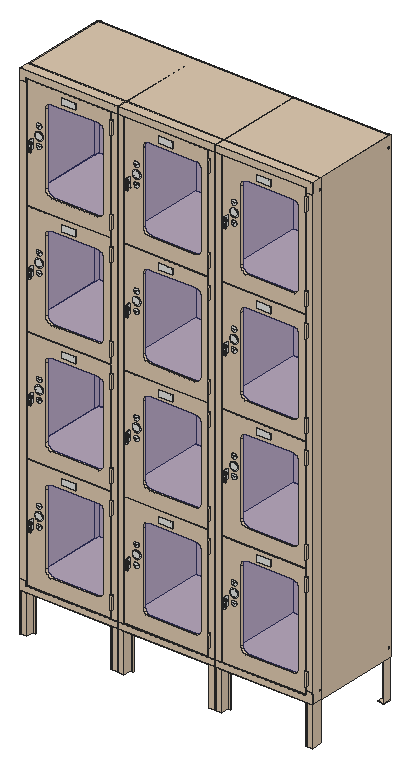
Revit family "Metal_See_Through_Lockers-Salsbury_Industries-S_54000_Series-3_Wide_Units", category Specialty Equipment, Revit 2016 (continued)
Definition of nested family "Metal Locker Zee Base-Left Side"
  Dimensions and locks (in)
    aligned and locked: level to plane 2
    aligned and locked: plane 10 "Left Edge of Base" to Extrusion 1
  Automatic sketch dimensions
    plane 8 "Right Edge of Enclosure" to Extrusion 1 sketch curve = 0.000"
    Extrusion 1 sketch curve to plane 6 "Right Side of Unit" = 0.000"  (x2)
    plane 7 "Left Edge of Enclosure" to Extrusion 1 sketch curve = 0.000"
    Extrusion 1 sketch curve to plane 10 "Left Edge of Base" = 0.000"
    Extrusion 1 sketch curve to Extrusion 1 sketch curve = 0.060"
    plane 7 "Left Edge of Enclosure" to Extrusion 1 sketch curve = 0.060"
    plane 10 "Left Edge of Base" to Extrusion 1 sketch curve = 0.060"
    plane 5 "Top of Enclosure" to Extrusion 2 sketch curve = 0.000"
    Extrusion 2 sketch curve to Extrusion 2 sketch curve = 0.060"
    Extrusion 2 sketch curve to plane 7 "Left Edge of Enclosure" = 1.24133"
    plane 8 "Right Edge of Enclosure" to Extrusion 2 sketch curve = 1.250"
Definition of nested family "Metal Locker Zee Base Corner"
  Parameters (values of type "77572, 77575, 77578")
    Width = 2.000"
    Visible = yes
    Version = "1.0 (11/30/15)"
    Type Comments = "Zee Base Kit for Standard Metal Lockers - No Legs"
    Primary Structure Material = none
    Model = "n/a"
    Manufacturer = "Salsbury Industries"
    Height = 3.940"
    Description = "4\" H x 6' L - for 12\" Deep Lockers (Includes 6 Foot Front Base, 2 End Bases, Corner Splicer and 4 Rear Legs)"
    Depth = 2.000"
  Types (2): name | Visible
    77572, 77575, 77578 | yes
    None | no
  Reference planes (in)
    plane 1 "Center (Front/Back)": y = 0
    plane 2 "Bottom of Component": z = 0
    plane 3 "Center (Left/Right)": x = 0
    plane 4: z = 3.94
    plane 5: x = -1
    plane 6: x = 1
    plane 7 "Front": y = -1
    plane 8 "Back": y = 1
  Forms (in)
    Extrusion 1, solid, material <- "Primary Structure Material", visible <- "Visible"
      sketch origin (0, 0, 0) x (1, 0, 0) y (0, 1, 0)
        loop
          line (-1, 1) -> (-1, 0.94) -> (0.94, 0.94) -> (0.94, -1) -> (1, -1) -> (1, 1) -> (-1, 1)
      from 0 to 3.94
  Dimensions and locks (in)
    "Height": plane 4 to plane 2 "Bottom of Component"
    equal spacing: plane 5, plane 3 "Center (Left/Right)", plane 6
    "Width": plane 5 to plane 6
    equal spacing: plane 7 "Front", plane 1 "Center (Front/Back)", plane 8 "Back"
    "Depth": plane 7 "Front" to plane 8 "Back"
    aligned and locked: plane 2 "Bottom of Component" to level
  Automatic sketch dimensions
    Extrusion 1 sketch curve to plane 5 = 0.000"
    plane 7 "Front" to Extrusion 1 sketch curve = 0.000"
    Extrusion 1 sketch curve to plane 6 = 0.000"
    plane 8 "Back" to Extrusion 1 sketch curve = 0.000"
    plane 6 to Extrusion 1 sketch curve = 0.060"
    Extrusion 1 sketch curve to Extrusion 1 sketch curve = 0.060"
Definition of nested family "Metal Locker End Panel"
  Parameters (values of type "77362 - for 6' H x 12" D Lockers")
    Width = 0.925"
    Visible = yes
    Version = "1.0 (11/30/15)"
    Type Comments = "Finished End Panel for Standard Metal Lockers"
    Primary Structure Material = none
    Model = "77362"
    MasterFormat Title = ""
    MasterFormat Number = ""
    Manufacturer = "Salsbury Industries"
    Height = 72.000"
    Description = "End Panel for 6' H x 12\" Deep Lockers"
    Depth = 12.010"
    Assembly Code = ""
  Types (7): name | Visible | Model | Height | Description | Depth
    77362 - for 6' H x 12" D Lockers | yes | "77362" | 72.000" | "End Panel for 6' H x 12\" Deep Lockers" | 12.010"
    77365 - for 6' H x 15" D Lockers | yes | "77365" | 72.000" | "End Panel for 6' H x 15\" Deep Lockers" | 15.010"
    77368 - for 6' H X 18" D Lockers | yes | "77368" | 72.000" | "End Panel for 6' H x 18\" Deep Lockers" | 18.010"
    77352 - for 5' H x 12" D Lockers | yes | "77352" | 60.000" | "End Panel for 5' H x 12\" Deep Lockers" | 12.010"
    77355 - for 5' H x 15" D Lockers | yes | "77355" | 60.000" | "End Panel for 5' H x 15\" Deep Lockers" | 15.010"
    77358 - for 5' H x 18" D Lockers | yes | "77358" | 60.000" | "End Panel for 5' H x 18\" Deep Lockers" | 18.010"
    None | no | "n/a" | 72.000" | "" | 12.010"
  Reference planes (in)
    plane 1 "Center (Front/Back)": y = -2.167
    plane 2: z = 0
    plane 3 "Center (Left/Right)": x = -4.595
    plane 4 "Bottom of Panel": z = 0
    plane 5 "Top of Panel": z = 72
    plane 6 "Front of Panel": y = -8.172
    plane 7 "Right Side of Enclosure": x = -4.1325
    plane 8 "Left Side of Enclosure": x = -5.0575
    plane 9 "Back of Panel": y = 3.838
    plane 10: z = 36
    plane 11: z = 70.283
    plane 12: z = 1.717
    plane 13 "Outside Edge of Front Flap": y = -8.23214
    plane 14 "Outside Edge of Back Flap": y = 3.898
  Forms (in)
    Extrusion 1, solid, material <- "Primary Structure Material", visible <- "Visible"
      sketch origin (-4.1325, 0.48244, 0) x (0, 0, -1) y (0, -1, 0)
        loop
          line (-72, 8.71458) -> (-72, -3.41556) -> (0, -3.41556) -> (0, 8.71458) -> (-72, 8.71458)
      from 0 to -0.06
    Extrusion 2, solid, material <- "Primary Structure Material", visible <- "Visible"
      sketch origin (0, 3.838, 0) x (0, 0, -1) y (1, 0, 0)
        loop
          line (-72, -5.0575) -> (0, -5.0575) -> (0, -4.1325) -> (-72, -4.1325) -> (-72, -5.0575)
      from 0 to -0.06
    Extrusion 3, solid, material <- "Primary Structure Material", visible <- "Visible"
      sketch origin (0, -8.172, 0) x (1, 0, 0) y (0, 0, 1)
        loop
          line (-5.0575, 70.283) -> (-5.0575, 1.717) -> (-4.1325, 1.717) -> (-4.1325, 70.283) -> (-5.0575, 70.283)
      from 0.06014 to 0
  Dimensions and locks (in)
    equal spacing: plane 6 "Front of Panel", plane 1 "Center (Front/Back)", plane 9 "Back of Panel"
    "Depth": plane 6 "Front of Panel" to plane 9 "Back of Panel"
    equal spacing: plane 8 "Left Side of Enclosure", plane 3 "Center (Left/Right)", plane 7 "Right Side of Enclosure"
    "Width": plane 8 "Left Side of Enclosure" to plane 7 "Right Side of Enclosure"
    equal spacing: plane 5 "Top of Panel", plane 10, plane 2
    "Height": plane 5 "Top of Panel" to plane 2
    locked: plane 5 "Top of Panel" to plane 11 at 1.717
    locked: plane 13 "Outside Edge of Front Flap" to plane 6 "Front of Panel" at 0.06014
    locked: plane 9 "Back of Panel" to plane 14 "Outside Edge of Back Flap" at 0.06
    aligned and locked: level to plane 2
    aligned and locked: plane 5 "Top of Panel" to Extrusion 1 sketch curve
    aligned and locked: plane 5 "Top of Panel" to Extrusion 2 sketch curve
    aligned and locked: Extrusion 2 to plane 9 "Back of Panel"
    aligned and locked: plane 11 to Extrusion 3 sketch curve
    aligned and locked: plane 6 "Front of Panel" to Extrusion 3
    aligned and locked: plane 14 "Outside Edge of Back Flap" to Extrusion 2
    aligned and locked: Extrusion 1 to plane 14 "Outside Edge of Back Flap"
    aligned and locked: plane 13 "Outside Edge of Front Flap" to Extrusion 3
    aligned and locked: Extrusion 2 to plane 7 "Right Side of Enclosure"
    aligned and locked: Extrusion 3 to plane 7 "Right Side of Enclosure"
  Automatic sketch dimensions
    Extrusion 1 sketch curve to level = 0.000"
    Extrusion 2 sketch curve to level = 0.000"
    plane 8 "Left Side of Enclosure" to Extrusion 2 sketch curve = 0.000"
    plane 7 "Right Side of Enclosure" to Extrusion 2 sketch curve = 0.000"
    plane 8 "Left Side of Enclosure" to Extrusion 3 sketch curve = 0.000"
    Extrusion 3 sketch curve to plane 12 = 0.000"
    plane 7 "Right Side of Enclosure" to Extrusion 3 sketch curve = 0.000"
    Extrusion 1 sketch curve to plane 14 "Outside Edge of Back Flap" = 0.000"
    plane 6 "Front of Panel" to Extrusion 1 sketch curve = 0.06014"
Definition of nested family "Metal Locker Front Filler"
  Parameters (values of type "77869 - for 6' H Lockers (Zee Base or No Legs)")
    Width = 9.000"
    Visible = yes
    Version = "1.0 (11/30/15)"
    Type Comments = "Vertical Front Filler for Standard Metal Lockers"
    Primary Structure Material = none
    Model = "77865"
    MasterFormat Title = ""
    MasterFormat Number = ""
    Manufacturer = "Salsbury Industries"
    Height = 72.000"
    Description = "9\" W Vertical Front Filler for 6' H Lockers"
    Depth = 1.500"
    Assembly Code = ""
  Types (9): name | Width | Visible | Model | Height | Description | Depth
    77865 - for 6' H Lockers with Legs | 15.000" | yes | "77865" | 78.000" | "15\" W Vertical Front Filler for 6' H Lockers" | 1.000"
    77869 - for 6' H Lockers with Legs | 9.000" | yes | "77865" | 78.000" | "9\" W Vertical Front Filler for 6' H Lockers" | 1.000"
    77855 - for 5' H Lockers with Legs | 15.000" | yes | "77855" | 66.000" | "15\" W Vertical Front Filler for 5' H Lockers" | 1.000"
    77859 - for 5' H Lockers with Legs | 9.000" | yes | "77859" | 66.000" | "9\" W Vertical Front Filler for 5' H Lockers" | 1.000"
    None | 15.000" | no | "n/a" | 78.000" | "" | 1.500"
    77865 - for 6' H Lockers (Zee Base or No Legs) | 15.000" | yes | "77865" | 72.000" | "15\" W Vertical Front Filler for 6' H Lockers" | 1.000"
    77869 - for 6' H Lockers (Zee Base or No Legs) | 9.000" | yes | "77865" | 72.000" | "9\" W Vertical Front Filler for 6' H Lockers" | 1.500"
    77859 - for 5' H Lockers (Zee Base or No Legs) | 9.000" | yes | "77859" | 60.000" | "9\" W Vertical Front Filler for 5' H Lockers" | 1.000"
    77855 - for 5' H Lockers (Zee Base or No Legs) | 15.000" | yes | "77855" | 60.000" | "15\" W Vertical Front Filler for 5' H Lockers" | 1.000"
  Reference planes (in)
    plane 1 "Center (Front/Back)": y = -2.167
    plane 2: z = 0
    plane 3 "Center (Left/Right)": x = -4.595
    plane 4 "Bottom of Filler": z = 0
    plane 5 "Top of Panel": z = 72
    plane 6 "Front of Filler": y = -2.917
    plane 7 "Right Side of Filler": x = -0.095
    plane 8 "Left Side of Filler": x = -9.095
    plane 9 "Back of Filler": y = -1.417
    plane 10: z = 36
  Forms (in)
    Extrusion 1, solid, material <- "Primary Structure Material", visible <- "Visible"
      sketch origin (0, 0, 0) x (0, -1, 0) y (1, 0, 0)
        loop
          line (1.417, -9.095) -> (2.917, -9.095) -> (2.917, -1.095) -> (2.869, -1.095) -> (2.869, -9.047) -> (1.417, -9.047) -> (1.417, -9.095)
      from 0 to 72
    Extrusion 2, solid, material <- "Primary Structure Material", visible <- "Visible"
      sketch origin (0, -0.20425, 0) x (0, -1, 0) y (1, 0, 0)
        loop
          line (1.30875, -0.095) -> (1.30875, -0.143) -> (2.76075, -0.143) -> (2.76075, -1.595) -> (2.80875, -1.595) -> (2.80875, -0.095) -> (1.30875, -0.095)
      from 0 to 72
    Extrusion 3, solid, material <- "Primary Structure Material", visible <- "Visible"
      sketch origin (0, 0.10825, 0) x (0, -1, 0) y (1, 0, 0)
        loop
          line (3.07325, -1.595) -> (3.07325, -0.82524) -> (3.02525, -0.82524) -> (3.02525, -1.376) -> (3.02525, -1.449) -> (3.02525, -1.522) -> (3.02525, -1.595) -> (3.07325, -1.595)
      from 0 to 72
    Extrusion 4, solid, material <- "Primary Structure Material", visible <- "Visible"
      sketch origin (0, 0, 0) x (0, -1, 0) y (1, 0, 0)
        loop
          line (2.917, -0.82524) -> (2.821, -0.82524) -> (2.821, -1.80024) -> (2.869, -1.80024) -> (2.869, -0.87324) -> (2.917, -0.87324) -> (2.917, -0.82524)
      from 0 to 72
  Dimensions and locks (in)
    equal spacing: plane 6 "Front of Filler", plane 1 "Center (Front/Back)", plane 9 "Back of Filler"
    "Depth": plane 6 "Front of Filler" to plane 9 "Back of Filler"
    equal spacing: plane 8 "Left Side of Filler", plane 3 "Center (Left/Right)", plane 7 "Right Side of Filler"
    "Width": plane 8 "Left Side of Filler" to plane 7 "Right Side of Filler"
    equal spacing: plane 5 "Top of Panel", plane 10, plane 2
    "Height": plane 5 "Top of Panel" to plane 2
    aligned and locked: level to plane 2
    aligned and locked: Extrusion 1 to plane 5 "Top of Panel"
    aligned and locked: Extrusion 2 to plane 5 "Top of Panel"
    aligned and locked: Extrusion 3 to plane 5 "Top of Panel"
    aligned and locked: Extrusion 4 to plane 5 "Top of Panel"
  Automatic sketch dimensions
    plane 9 "Back of Filler" to Extrusion 1 sketch curve = 0.000"
    plane 6 "Front of Filler" to Extrusion 1 sketch curve = 0.000"
    Extrusion 1 sketch curve to plane 8 "Left Side of Filler" = 0.000"
    Extrusion 1 sketch curve to plane 6 "Front of Filler" = 0.048"
    Extrusion 1 sketch curve to Extrusion 1 sketch curve = 0.048"
    plane 7 "Right Side of Filler" to Extrusion 1 sketch curve = 1.000"
    Extrusion 2 sketch curve to plane 7 "Right Side of Filler" = 0.000"
    plane 7 "Right Side of Filler" to Extrusion 2 sketch curve = 0.048"
    plane 9 "Back of Filler" to Extrusion 2 sketch curve = 0.096"
    plane 6 "Front of Filler" to Extrusion 2 sketch curve = 0.048"
    Extrusion 2 sketch curve to Extrusion 2 sketch curve = 0.048"
    Extrusion 2 sketch curve to Extrusion 2 sketch curve = 1.452"
    plane 6 "Front of Filler" to Extrusion 3 sketch curve = 0.000"
    plane 7 "Right Side of Filler" to Extrusion 3 sketch curve = 1.500"
    Extrusion 3 sketch curve to Extrusion 3 sketch curve = 0.073"  (x3)
    Extrusion 3 sketch curve to Extrusion 3 sketch curve = 0.55076"
    Extrusion 3 sketch curve to Extrusion 3 sketch curve = 0.048"
    plane 6 "Front of Filler" to Extrusion 4 sketch curve = 0.000"
    Extrusion 4 sketch curve to plane 6 "Front of Filler" = 0.048"
    Extrusion 4 sketch curve to Extrusion 4 sketch curve = 0.048"  (x2)
    plane 7 "Right Side of Filler" to Extrusion 4 sketch curve = 1.70524"
    plane 7 "Right Side of Filler" to Extrusion 4 sketch curve = 0.77824"
Definition of nested family "Metal Locker Flat Top Filler"
  Parameters (values of type "77842 - for 12" Deep Lockers (15" W)")
    Width = 16.250"
    Visible = yes
    Version = "1.0 (11/30/15)"
    Type Comments = "Flat Top Filler for Standard Metal Lockers"
    Primary Structure Material = none
    Model = "77842"
    MasterFormat Title = ""
    MasterFormat Number = ""
    Manufacturer = "Salsbury Industries"
    Height = 1.003"
    Description = "15\"W Flat Top In-Line Filler"
    Depth = 12.118"
    Assembly Code = ""
  Types (7): name | Width | Visible | Model | Depth
    77842 - for 12" Deep Lockers (15" W) | 16.250" | yes | "77842" | 12.118"
    77842 - for 12" Deep Lockers (9" W) | 10.250" | yes | "77842" | 12.118"
    77845 - for 15" Deep Lockers (15" W) | 16.250" | yes | "77845" | 15.118"
    77845 - for 15" Deep Lockers (9" W) | 10.250" | yes | "77845" | 15.118"
    77848 - for 18" Deep Lockers (15" W) | 16.250" | yes | "77848" | 18.118"
    77848 - for 18" Deep Lockers (9" W) | 10.250" | yes | "77848" | 18.118"
    None | 16.250" | no | "" | 12.118"
  Reference planes (in)
    plane 1 "Center (Front/Back)": y = -2.167
    plane 2: z = 0
    plane 3 "Center (Left/Right)": x = -4.595
    plane 4 "Bottom of Panel": z = 0
    plane 5 "Top of Panel": z = 1.003
    plane 6 "Front of Panel": y = -8.226
    plane 7 "Right Side of Enclosure": x = 3.53
    plane 8 "Left Side of Enclosure": x = -12.72
    plane 9 "Back of Panel": y = 3.892
    plane 10: z = 0.5015
  Forms (in)
    Extrusion 1, solid, material <- "Primary Structure Material", visible <- "Visible"
      sketch origin (-4.595, 0, 0) x (0, 1, 0) y (0, 0, 1)
        loop
          line (-8.226, 0) -> (-8.178, 0) -> (-8.178, 0.955) -> (3.892, 0.955) -> (3.892, 1.003) -> (-8.226, 1.003) -> (-8.226, 0)
      from -8.125 to 8.125
  Dimensions and locks (in)
    equal spacing: plane 6 "Front of Panel", plane 1 "Center (Front/Back)", plane 9 "Back of Panel"
    "Depth": plane 6 "Front of Panel" to plane 9 "Back of Panel"
    equal spacing: plane 8 "Left Side of Enclosure", plane 3 "Center (Left/Right)", plane 7 "Right Side of Enclosure"
    "Width": plane 8 "Left Side of Enclosure" to plane 7 "Right Side of Enclosure"
    equal spacing: plane 5 "Top of Panel", plane 10, plane 2
    "Height": plane 5 "Top of Panel" to plane 2
    aligned and locked: level to plane 2
    aligned and locked: Extrusion 1 to plane 7 "Right Side of Enclosure"
    aligned and locked: plane 8 "Left Side of Enclosure" to Extrusion 1
    aligned and locked: plane 6 "Front of Panel" to Extrusion 1
    aligned and locked: Extrusion 1 to plane 9 "Back of Panel"
  Automatic sketch dimensions
    plane 5 "Top of Panel" to Extrusion 1 sketch curve = 0.000"
    Extrusion 1 sketch curve to plane 6 "Front of Panel" = 0.000"
    Extrusion 1 sketch curve to level = 0.000"
    Extrusion 1 sketch curve to plane 9 "Back of Panel" = 0.000"
    Extrusion 1 sketch curve to plane 6 "Front of Panel" = 0.048"
    plane 5 "Top of Panel" to Extrusion 1 sketch curve = 0.048"
Definition of nested family "Metal Locker Flat Corner Filler"
  Parameters (values of type "77832 - for 12" Deep Lockers")
    Width = 12.625"
    Visible = yes
    Version = "1.0 (11/30/15)"
    Type Comments = "Flat Top Corner Filler for Standard Metal Lockers"
    Primary Structure Material = none
    Model = "77832"
    MasterFormat Title = ""
    MasterFormat Number = ""
    Manufacturer = "Salsbury Industries"
    Height = 0.048"
    Description = "12\"W Flat Top Corner Filler"
    Depth = 12.625"
    Assembly Code = ""
  Types (4): name | Width | Visible | Model | Description | Depth
    77832 - for 12" Deep Lockers | 12.625" | yes | "77832" | "12\"W Flat Top Corner Filler" | 12.625"
    77835 - for 15" Deep Lockers | 15.625" | yes | "77835" | "15\"W Flat Top Corner Filler" | 15.625"
    77838 - for 18" Deep Lockers | 18.625" | yes | "77838" | "18\"W Flat Top Corner Filler" | 18.625"
    None | 12.625" | no | "" | "" | 12.625"
  Reference planes (in)
    plane 1 "Center (Front/Back)": y = -2.167
    plane 2: z = 0
    plane 3 "Center (Left/Right)": x = -4.595
    plane 4 "Bottom of Panel": z = 0
    plane 5 "Top of Panel": z = 0.048
    plane 6 "Front of Panel": y = -8.4795
    plane 7 "Right Side of Enclosure": x = 1.7175
    plane 8 "Left Side of Enclosure": x = -10.9075
    plane 9 "Back of Panel": y = 4.1455
    plane 10: z = 0.024
  Forms (in)
    Extrusion 1, solid, material <- "Primary Structure Material", visible <- "Visible"
      sketch origin (0, 0, 0) x (0, -1, 0) y (1, 0, 0)
        loop
          line (7.8545, -10.9075) -> (7.8545, -10.2825) -> (8.4795, -10.2825) -> (8.4795, 1.7175) -> (-4.1455, 1.7175) -> (-4.1455, -10.9075) -> (7.8545, -10.9075)
      from 0 to 0.048
  Dimensions and locks (in)
    equal spacing: plane 6 "Front of Panel", plane 1 "Center (Front/Back)", plane 9 "Back of Panel"
    "Depth": plane 6 "Front of Panel" to plane 9 "Back of Panel"
    equal spacing: plane 8 "Left Side of Enclosure", plane 3 "Center (Left/Right)", plane 7 "Right Side of Enclosure"
    "Width": plane 8 "Left Side of Enclosure" to plane 7 "Right Side of Enclosure"
    equal spacing: plane 5 "Top of Panel", plane 10, plane 2
    "Height": plane 5 "Top of Panel" to plane 2
    aligned and locked: level to plane 2
    aligned and locked: Extrusion 1 to plane 9 "Back of Panel"
    aligned and locked: plane 6 "Front of Panel" to Extrusion 1
    aligned and locked: Extrusion 1 to plane 7 "Right Side of Enclosure"
    aligned and locked: plane 8 "Left Side of Enclosure" to Extrusion 1
  Automatic sketch dimensions
    Extrusion 1 sketch curve to plane 8 "Left Side of Enclosure" = 0.000"
    plane 9 "Back of Panel" to Extrusion 1 sketch curve = 0.000"
    plane 6 "Front of Panel" to Extrusion 1 sketch curve = 0.000"
    Extrusion 1 sketch curve to plane 7 "Right Side of Enclosure" = 0.000"
    Extrusion 1 sketch curve to plane 8 "Left Side of Enclosure" = 0.625"
    Extrusion 1 sketch curve to plane 6 "Front of Panel" = 0.625"
Definition of nested family "Metal Locker Sloping Top Filler"
  Parameters (values of type "77882 - for 12" Deep Lockers (15" W)")
    Width = 16.250"
    Visible = yes
    Version = "1.0 (11/30/15)"
    Type Comments = "Sloping Hood In-Line Filler for Standard Metal Lockers"
    Slope Angle = 28.761°
    Primary Structure Material = none
    Model = "77882"
    MasterFormat Title = ""
    MasterFormat Number = ""
    Manufacturer = "Salsbury Industries"
    Height = 1.003"
    Description = "15\"W Sloping Hood In-Line Filler"
    Depth = 12.118"
    Assembly Code = ""
  Types (7): name | Width | Visible | Type Comments | Slope Angle | Model | Description | Depth
    77882 - for 12" Deep Lockers (15" W) | 16.250" | yes | "Sloping Hood In-Line Filler for Standard Metal Lockers" | 28.761° | "77882" | "15\"W Sloping Hood In-Line Filler" | 12.118"
    77882 - for 12" Deep Lockers (9" W) | 10.250" | yes | "Sloping Hood In-Line Filler for Standard Metal Lockers" | 28.761° | "77882" | "15\"W Sloping Hood In-Line Filler" | 12.118"
    77885 - for 15" Deep Lockers (15" W) | 16.250" | yes | "Sloping Hood In-Line Filler for Standard Metal Lockers" | 29.946° | "77885" | "15\"W Sloping Hood In-Line Filler" | 15.118"
    77885 - for 15" Deep Lockers (9" W) | 10.250" | yes | "Sloping Hood In-Line Filler for Standard Metal Lockers" | 29.946° | "77885" | "15\"W Sloping Hood In-Line Filler" | 15.118"
    77888 - for 18" Deep Lockers (15" W) | 16.250" | yes | "Sloping Hood In-Line Filler for Standard Metal Lockers" | 30.723° | "77888" | "15\"W Sloping Hood In-Line Filler" | 18.118"
    77888 - for 18" Deep Lockers (9" W) | 10.250" | yes | "Sloping Hood In-Line Filler for Standard Metal Lockers" | 30.723° | "77888" | "15\"W Sloping Hood In-Line Filler" | 18.118"
    None | 16.250" | no | "Sloping Hood for Standard Metal Lockers" | 28.761° | "" | "" | 12.118"
  Reference planes (in)
    plane 1 "Center (Front/Back)": y = -2.167
    plane 2: z = 0
    plane 3 "Center (Left/Right)": x = -4.595
    plane 4 "Bottom of Panel": z = 0
    plane 5 "Top of Panel": z = 1.003
    plane 6 "Front of Panel": y = -8.226
    plane 7 "Right Side of Enclosure": x = 3.53
    plane 8 "Left Side of Enclosure": x = -12.72
    plane 9 "Back of Panel": y = 3.892
    plane 10: z = 0.5015
    plane 11: through (0, -7.6072, 0.33964) normal (0, -0.4812, 0.8766)
    plane 12: through (0, -7.72698, 0.21914) normal (0, -0.4812, 0.8766)
  Forms (in)
    Extrusion 1, solid, material <- "Primary Structure Material", visible <- "Visible"
      sketch origin (-4.595, 0, 0) x (0, 1, 0) y (0, 0, 1)
        loop
          line (3.892, 6.65119) -> (-8.226, 0) -> (-8.226, -1.028) -> (-8.178, -1.028) -> (-8.178, -0.02841) -> (3.892, 6.59643) -> (3.892, 6.65119)
      from -8.125 to 8.125
  Dimensions and locks (in)
    equal spacing: plane 6 "Front of Panel", plane 1 "Center (Front/Back)", plane 9 "Back of Panel"
    "Depth": plane 6 "Front of Panel" to plane 9 "Back of Panel"
    equal spacing: plane 8 "Left Side of Enclosure", plane 3 "Center (Left/Right)", plane 7 "Right Side of Enclosure"
    "Width": plane 8 "Left Side of Enclosure" to plane 7 "Right Side of Enclosure"
    equal spacing: plane 5 "Top of Panel", plane 10, plane 2
    "Height": plane 5 "Top of Panel" to plane 2
    locked: plane 11 to plane 12 at 0.048
    "Slope Angle": angle plane 4 "Bottom of Panel" to plane 11
    aligned and locked: level to plane 2
    aligned and locked: plane 11 to Extrusion 1 sketch curve
    aligned and locked: plane 12 to Extrusion 1 sketch curve
    aligned and locked: Extrusion 1 to plane 7 "Right Side of Enclosure"
    aligned and locked: plane 8 "Left Side of Enclosure" to Extrusion 1
  Automatic sketch dimensions
    Extrusion 1 sketch curve to plane 6 "Front of Panel" = 0.000"
    Extrusion 1 sketch curve to Extrusion 1 sketch curve = 0.99959"
    Extrusion 1 sketch curve to level = 0.02841"
    Extrusion 1 sketch curve to plane 9 "Back of Panel" = 0.000"
Definition of nested family "Metal Locker Sloping Corner Filler"
  Parameters (values of type "77872 - for 12" Deep Lockers")
    Width = 12.695"
    Visible = yes
    Version = "1.0 (11/30/15)"
    Type Comments = "Sloping Hood Corner Filler for Standard Metal Lockers"
    Slope Angle 2 = 28.761°
    Slope Angle 1 = 28.761°
    Primary Structure Material = none
    Model = "77872"
    MasterFormat Title = ""
    MasterFormat Number = ""
    Manufacturer = "Salsbury Industries"
    Height = 6.87897"
    Description = "12\"D Sloping Hood Corner Filler"
    Depth = 12.695"
    Assembly Code = ""
  Types (4): name | Width | Visible | Slope Angle 2 | Slope Angle 1 | Model | Description | Depth
    77872 - for 12" Deep Lockers | 12.695" | yes | 28.761° | 28.761° | "77872" | "12\"D Sloping Hood Corner Filler" | 12.695"
    77875 - for 15" Deep Lockers | 15.695" | yes | 29.946° | 29.946° | "77875" | "15\"D Sloping Hood Corner Filler" | 15.695"
    77878 - for 18" Deep Lockers | 18.695" | yes | 30.723° | 30.723° | "77878" | "18\"D Sloping Hood Corner Filler" | 18.695"
    None | 12.695" | no | 28.723° | 28.723° | "" | "" | 12.695"
  Reference planes (in)
    plane 1 "Center (Front/Back)": y = -2.167
    plane 2: z = 0
    plane 3 "Center (Left/Right)": x = -4.595
    plane 4 "Bottom of Panel": z = 0
    plane 5 "Top of Panel": z = 6.87897
    plane 6 "Front of Panel": y = -8.5145
    plane 7 "Right Side of Enclosure": x = 1.7525
    plane 8 "Left Side of Enclosure": x = -10.9425
    plane 9 "Back of Panel": y = 4.1805
    plane 10 "Center Top/Bottom": z = 3.43948
    plane 11 "Slope 1": through (0, -7.42276, 0.59922) normal (0, -0.4812, 0.8766)
    plane 12: through (0, -7.54254, 0.47872) normal (0, -0.4812, 0.8766)
    plane 13 "Diagonal Plane": through (-10.86131, 4.09969, 48) normal (0.7071, 0.7071, 0)
    plane 14 "Cutout Plane 1": y = -7.8895
    plane 15 "Cutout Plane 2": x = 1.1275
    plane 16 "Slope 2": through (1.43902, -180, 0.17206) normal (-0.4812, 0, -0.8766)
    plane 17: through (5.04554, -180, -1.86199) normal (-0.4812, 0, -0.8766)
  Forms (in)
    Extrusion 1, solid, material <- "Primary Structure Material", visible <- "Visible"
      sketch origin (-4.595, 0, 0) x (0, 1, 0) y (0, 0, 1)
        loop
          line (-7.8895, 0.28829) -> (4.1805, 6.91313) -> (4.1805, 6.96789) -> (-7.8895, 0.34304) -> (-7.8895, 0.28829)
      from -6.3475 to 6.3475
    Extrusion 2, void
      sketch origin (0, 0, 3.43948) x (1, 0, 0) y (0, 1, 0)
        loop
          line (1.75288, -8.5145) -> (-10.9425, 4.18088) -> (-10.9425, -8.5145) -> (1.75288, -8.5145)
      from -3.43948 to 8.2673
    Extrusion 3, solid, material <- "Primary Structure Material", visible <- "Visible"
      sketch origin (0, -2.167, 0) x (1, 0, 0) y (0, 0, 1)
        loop
          line (1.1275, 0.2885) -> (1.1275, 0.34304) -> (-10.9425, 6.96789) -> (-10.9425, 6.91334) -> (1.1275, 0.2885)
      from -6.3475 to 6.3475
    Extrusion 4, void
      sketch origin (-4.595, 0, 0) x (0, 1, 0) y (0, 0, 1)
        loop
          line (4.1805, 0) -> (4.1805, 6.91313) -> (-8.41474, 0) -> (4.1805, 0)
      from -6.3475 to 6.3475
    Extrusion 5, solid, not visible
      sketch origin (1.1275, 0, 0) x (0, -1, 0) y (0, 0, 1)
        loop
          line (8.60982, 0.2885) -> (7.8895, 0.2885) -> (7.8895, 0) -> (8.60982, 0) -> (8.60982, 0.2885)
      from -0.72026 to 0
  Cuts and joins
    Extrusion 2, Extrusion 4 cuts Extrusion 1
    Extrusion 4 cuts Extrusion 3
  Dimensions and locks (in)
    equal spacing: plane 6 "Front of Panel", plane 1 "Center (Front/Back)", plane 9 "Back of Panel"
    "Depth": plane 6 "Front of Panel" to plane 9 "Back of Panel"
    equal spacing: plane 8 "Left Side of Enclosure", plane 3 "Center (Left/Right)", plane 7 "Right Side of Enclosure"
    "Width": plane 8 "Left Side of Enclosure" to plane 7 "Right Side of Enclosure"
    equal spacing: plane 5 "Top of Panel", plane 10 "Center Top/Bottom", plane 2
    "Height": plane 5 "Top of Panel" to plane 2
    locked: plane 11 "Slope 1" to plane 12 at 0.048
    locked: plane 15 "Cutout Plane 2" to plane 7 "Right Side of Enclosure" at 0.625
    locked: plane 6 "Front of Panel" to plane 14 "Cutout Plane 1" at 0.625
    locked: plane 17 to plane 16 "Slope 2" at 0.04782
    "Slope Angle 1": angle plane 4 "Bottom of Panel" to plane 11 "Slope 1"
    "Slope Angle 2": angle plane 16 "Slope 2" to plane 4 "Bottom of Panel"
    aligned and locked: level to plane 2
    aligned and locked: Extrusion 1 sketch curve to plane 14 "Cutout Plane 1"
    aligned and locked: plane 9 "Back of Panel" to Extrusion 1 sketch curve
    aligned and locked: Extrusion 1 sketch curve to plane 11 "Slope 1"
    aligned and locked: plane 12 to Extrusion 1 sketch curve
    aligned and locked: plane 8 "Left Side of Enclosure" to Extrusion 1
    aligned and locked: Extrusion 1 to plane 7 "Right Side of Enclosure"
    aligned and locked: plane 6 "Front of Panel" to Extrusion 2 sketch curve
    aligned and locked: plane 8 "Left Side of Enclosure" to Extrusion 2 sketch curve
    aligned and locked: plane 13 "Diagonal Plane" to Extrusion 2 sketch curve
    aligned and locked: plane 4 "Bottom of Panel" to cut or joined group of Extrusion 1, Extrusion 2, Extrusion 4
    aligned and locked: Extrusion 4 sketch curve to level
    aligned and locked: Extrusion 4 sketch curve to plane 9 "Back of Panel"
    aligned and locked: plane 12 to Extrusion 4 sketch curve
    aligned and locked: Extrusion 4 to plane 7 "Right Side of Enclosure"
    aligned and locked: plane 8 "Left Side of Enclosure" to Extrusion 4
    aligned and locked: cut or joined group of Extrusion 3, Extrusion 4 to plane 15 "Cutout Plane 2"
    aligned and locked: plane 6 "Front of Panel" to cut or joined group of Extrusion 3, Extrusion 4
    aligned and locked: cut or joined group of Extrusion 3, Extrusion 4 to plane 9 "Back of Panel"
    aligned and locked: Extrusion 3 sketch curve to plane 15 "Cutout Plane 2"
    aligned and locked: Extrusion 3 sketch curve to plane 16 "Slope 2"
    aligned and locked: plane 8 "Left Side of Enclosure" to Extrusion 3 sketch curve
    aligned and locked: plane 17 to Extrusion 3 sketch curve
  Automatic sketch dimensions
    Extrusion 5 sketch curve to plane 14 "Cutout Plane 1" = 0.000"
    Extrusion 5 sketch curve to level = 0.000"
    plane 6 "Front of Panel" to Extrusion 5 sketch curve = 0.09532"
    Extrusion 5 sketch curve to Extrusion 5 sketch curve = 0.2885"
Definition of nested family "Metal Locker Sloping Hood"
  Parameters (values of type "77765 - for 15" Deep Lockers (3 Wide)")
    Width = 45.040"
    Visible = yes
    Version = "1.0 (11/30/15)"
    Type Comments = "Sloping Hood for Standard Metal Lockers"
    Slope Angle = 29.946°
    Primary Structure Material = none
    Model = "77752"
    MasterFormat Title = ""
    MasterFormat Number = ""
    Manufacturer = "Salsbury Industries"
    Height = 6.625"
    Dividing Lines = yes
    Description = "12\" Deep for up to (3) 12\" Wide Lockers"
    Depth = 15.070"
    Assembly Code = ""
  Types (12): name | Width | Visible | Slope Angle | Model | Height | Dividing Lines | Description | Depth
    77752 - for 12" Deep Lockers (1 Wide) | 12.040" | yes | 28.761° | "77752" | 6.625" | no | "12\" Deep for up to (3) 12\" Wide Lockers" | 12.070"
    77752 - for 12" Deep Lockers (3 Wide) | 36.040" | yes | 28.761° | "77752" | 6.625" | yes | "12\" Deep for up to (3) 12\" Wide Lockers" | 12.070"
    77755 - for 15" Deep Lockers (1 Wide) | 12.040" | yes | 29.946° | "77755" | 8.682" | no | "15\" Deep for up to (3) 12\" Wide Lockers" | 15.070"
    77755 - for 15" Deep Lockers (3 Wide) | 36.040" | yes | 29.946° | "77755" | 8.628" | yes | "15\" Deep for up to (3) 12\" Wide Lockers" | 15.070"
    77758 - for 18" Deep Lockers (1 Wide) | 12.040" | yes | 30.723° | "77758" | 10.739" | no | "18\" Deep for up to (3) 12\" Wide Lockers" | 18.070"
    77758 - for 18" Deep Lockers (3 Wide) | 36.040" | yes | 30.723° | "77758" | 10.739" | yes | "18\" Deep for up to (3) 12\" Wide Lockers" | 18.070"
    None | 12.000" | no | 28.761° | "" | 6.625" | no | "" | 12.070"
    77765 - for 15" Deep Lockers (1 Wide) | 15.040" | yes | 29.946° | "77752" | 6.625" | no | "12\" Deep for up to (3) 12\" Wide Lockers" | 15.070"
    77768 - for 18" Deep Lockers (1 Wide) | 15.040" | yes | 30.723° | "77752" | 6.625" | no | "12\" Deep for up to (3) 12\" Wide Lockers" | 18.070"
    77765 - for 15" Deep Lockers (3 Wide) | 45.040" | yes | 29.946° | "77752" | 6.625" | yes | "12\" Deep for up to (3) 12\" Wide Lockers" | 15.070"
    77768 - for 18" Deep Lockers (3 Wide) | 45.040" | yes | 30.723° | "77752" | 6.625" | yes | "12\" Deep for up to (3) 12\" Wide Lockers" | 18.070"
    77759 - for 18" Deep Bridge Lockers | 72.040" | yes | 30.723° | "77752" | 6.625" | no | "12\" Deep for up to (3) 12\" Wide Lockers" | 18.070"
  Reference planes (in)
    plane 1 "Center (Front/Back)": y = -2.167
    plane 2: z = 0
    plane 3 "Center (Left/Right)": x = -4.595
    plane 4 "Bottom of Panel": z = 0
    plane 5 "Top of Panel": z = 6.625
    plane 6 "Front of Panel": y = -9.702
    plane 7 "Right Side of Enclosure": x = 17.925
    plane 8 "Left Side of Enclosure": x = -27.115
    plane 9 "Back of Panel": y = 5.368
    plane 10: z = 3.3125
    plane 11: through (0, -8.18107, 0.8762) normal (0, -0.4992, 0.8665)
    plane 12: through (0, -8.30682, 0.76798) normal (0, -0.4992, 0.8665)
    plane 13: y = 5.337
    plane 14: y = 5.306
    plane 15: y = 5.275
    plane 16: y = 4.87433
    plane 17 "Divider 1": x = -12.10167
    plane 18 "Divider 2": x = 2.91167
  Forms (in)
    Extrusion 1, solid, material <- "Primary Structure Material", visible <- "Visible"
      sketch origin (17.925, 0, 0) x (0, 0, -1) y (0, -1, 0)
        loop
          line (-8.68174, -5.368) -> (0, -5.368) -> (0, 9.702) -> (-8.68174, -5.368)
      from 0 to 0.031
    Extrusion 2, solid, material <- "Primary Structure Material", visible <- "Visible"
      sketch origin (17.925, 0, 0) x (0, 0, -1) y (0, -1, 0)
        loop
          line (0, -5.368) -> (0, -5.337) -> (-8.66388, -5.337) -> (-8.68174, -5.368) -> (0, -5.368)
      from 0.03098 to 0.40598
    Extrusion 3, solid, material <- "Primary Structure Material", visible <- "Visible"
      sketch origin (17.925, 0, 0) x (0, 0, -1) y (0, -1, 0)
        loop
          line (0, -5.337) -> (0, 9.6399) -> (-0.031, 9.58609) -> (-0.031, -5.337) -> (0, -5.337)
      from 0.031 to 0.80198
    Extrusion 4, solid, material <- "Primary Structure Material", visible <- "Visible"
      sketch origin (-27.115, 0, 0) x (0, 0, -1) y (0, -1, 0)
        loop
          line (-8.68174, -5.368) -> (0, -5.368) -> (0, 9.702) -> (-8.68174, -5.368)
      from 0 to -0.031
    Extrusion 5, solid, material <- "Primary Structure Material", visible <- "Visible"
      sketch origin (-27.115, 0, 0) x (0, 0, -1) y (0, -1, 0)
        loop
          line (0, -5.368) -> (0, -5.337) -> (-8.66388, -5.337) -> (-8.68174, -5.368) -> (0, -5.368)
      from -0.031 to -0.406
    Extrusion 6, solid, material <- "Primary Structure Material", visible <- "Visible"
      sketch origin (-27.115, 0, 0) x (0, 0, -1) y (0, -1, 0)
        loop
          line (0, -5.337) -> (0, 9.6399) -> (-0.031, 9.58609) -> (-0.031, -5.337) -> (0, -5.337)
      from -0.031 to -0.802
    Extrusion 7, solid, material <- "Primary Structure Material", visible <- "Visible"
      sketch origin (-4.595, 0, 0) x (0, 1, 0) y (0, 0, 1)
        loop
          line (5.337, 8.66388) -> (-9.702, 0) -> (-9.34738, 0) -> (-9.34738, 0.031) -> (-9.58609, 0.031) -> (5.306, 8.61025) -> (5.306, 8.27289) -> (5.337, 8.27289) -> (5.337, 8.66388)
      from -22.489 to 22.489
    Extrusion 8, solid, material <- "Primary Structure Material", visible <- "Visible"
      sketch origin (-4.595, -0.031, 0) x (0, 1, 0) y (0, 0, 1)
        loop
          line (5.337, 0.031) -> (5.337, 8.61025) -> (5.306, 8.59239) -> (5.306, 0.031) -> (5.337, 0.031)
      from -22.489 to 22.489
    Extrusion 9, solid, material <- "Primary Structure Material", visible <- "Visible"
      sketch origin (0, -0.031, 0) x (0, -1, 0) y (1, 0, 0)
        loop
          line (-5.306, -26.25653) -> (-4.90533, -26.25653) -> (-4.90533, 17.06919) -> (-5.306, 17.06919) -> (-5.306, -26.25653)
      from 0.031 to 0.06464
  Lines and regions (in)
    model lines, visible <- "Dividing Lines"
      curve 1: line (-12.10167, -9.71397, -0.0069) -> (-12.10167, 5.368, 8.68174)
      curve 2: line (2.91167, -9.71397, -0.0069) -> (2.91167, 5.368, 8.68174)
  Dimensions and locks (in)
    equal spacing: plane 6 "Front of Panel", plane 1 "Center (Front/Back)", plane 9 "Back of Panel"
    "Depth": plane 6 "Front of Panel" to plane 9 "Back of Panel"
    equal spacing: plane 8 "Left Side of Enclosure", plane 17 "Divider 1", plane 18 "Divider 2", plane 7 "Right Side of Enclosure"
    "Width": plane 8 "Left Side of Enclosure" to plane 7 "Right Side of Enclosure"
    equal spacing: plane 5 "Top of Panel", plane 10, plane 2
    "Height": plane 5 "Top of Panel" to plane 2
    locked: plane 11 to plane 12 at 0.031
    plane 16 to plane 15 to plane 14 to plane 13 to plane 9 "Back of Panel" = 0.40067", 0.031", 0.031", 0.031"
    equal spacing: plane 8 "Left Side of Enclosure", plane 3 "Center (Left/Right)", plane 7 "Right Side of Enclosure"
    "Slope Angle": angle plane 4 "Bottom of Panel" to plane 11
    aligned and locked: level to plane 2
    aligned and locked: Extrusion 1 to plane 9 "Back of Panel"
    aligned and locked: plane 4 "Bottom of Panel" to Extrusion 1
    aligned and locked: Extrusion 7 to Extrusion 1
    aligned and locked: Extrusion 7 to Extrusion 4
    aligned and locked: Extrusion 7 to Extrusion 8  (x2)
    aligned and locked: plane 11 to Extrusion 7 sketch curve
    aligned and locked: plane 12 to Extrusion 7 sketch curve
    aligned and locked: plane 12 to Extrusion 8 sketch curve
    aligned and locked: Extrusion 4 sketch curve to plane 11
    aligned and locked: Extrusion 1 sketch curve to plane 11
    aligned and locked: Extrusion 3 sketch curve to plane 12
    aligned and locked: Extrusion 6 sketch curve to plane 12
    aligned and locked: plane 13 to Extrusion 7
    aligned and locked: plane 14 to Extrusion 8
    aligned and locked: plane 15 to Extrusion 8
    aligned and locked: plane 16 to Extrusion 9
    aligned and locked: plane 13 to Extrusion 7 sketch curve
    aligned and locked: Extrusion 7 sketch curve to plane 14
    aligned and locked: plane 13 to Extrusion 2 sketch curve
    aligned and locked: plane 11 to Extrusion 2 sketch curve
    aligned and locked: plane 13 to Extrusion 5 sketch curve
    aligned and locked: plane 11 to Extrusion 5 sketch curve
    aligned and locked: curve 2 to plane 18 "Divider 2"
    aligned and locked: curve 1 to plane 17 "Divider 1"
  Automatic sketch dimensions
    Extrusion 7 sketch curve to level = 0.000"
    level to Extrusion 7 sketch curve = 0.031"
    Extrusion 7 sketch curve to Extrusion 7 sketch curve = 0.23871"
    Extrusion 7 sketch curve to Extrusion 7 sketch curve = 0.33736"
    Extrusion 1 sketch curve to plane 9 "Back of Panel" = 0.000"
    Extrusion 1 sketch curve to level = 0.000"
    Extrusion 2 sketch curve to plane 9 "Back of Panel" = 0.000"
    Extrusion 2 sketch curve to level = 0.000"
    Extrusion 3 sketch curve to plane 13 = 0.000"
    Extrusion 3 sketch curve to level = 0.000"
    level to Extrusion 3 sketch curve = 0.031"
    Extrusion 4 sketch curve to plane 9 "Back of Panel" = 0.000"
    Extrusion 4 sketch curve to level = 0.000"
    Extrusion 5 sketch curve to plane 9 "Back of Panel" = 0.000"
    Extrusion 5 sketch curve to level = 0.000"
    Extrusion 6 sketch curve to plane 13 = 0.000"
    Extrusion 6 sketch curve to level = 0.000"
    Extrusion 6 sketch curve to Extrusion 6 sketch curve = 0.031"
    Extrusion 8 sketch curve to plane 15 = 0.000"
    Extrusion 8 sketch curve to plane 14 = 0.000"
    level to Extrusion 8 sketch curve = 0.031"
    plane 15 to Extrusion 9 sketch curve = 0.000"
    plane 16 to Extrusion 9 sketch curve = 0.000"
    Extrusion 9 sketch curve to plane 8 "Left Side of Enclosure" = 0.85847"
    plane 7 "Right Side of Enclosure" to Extrusion 9 sketch curve = 0.85581"
    curve 1 to plane 9 "Back of Panel" = 0.000"
    plane 11 to curve 1 = 0.000"
    curve 1 to plane 11 = 0.000"
    curve 1 to level = 0.0069"
    curve 2 to plane 9 "Back of Panel" = 0.000"
    plane 11 to curve 2 = 0.000"
    curve 2 to plane 11 = 0.000"
    curve 2 to level = 0.0069"
Types (7): name | Zee Base | Unit Height including Sloping Hood Only | Sloping Hood Height | Unit Height including Base Only | Overall Unit Height (including Base and Sloping Hood) | OmniClass 23 Title | Model | Description | Depth | Base Height | Standard Leg Base
  (no name) | Metal Locker Zee Base - 3 Wide : None | 80.682" | 8.682" | 78.000" | 86.682" | "Equipment and Furnishings" | "S-54365" | "3 Wide - 6 Feet High - 15 Inches Deep" | 15.010" | 6.000" | Metal Locker Legs - 3 Wide : 6" High - 45"W x 15"D
  S-54365 - with Standard 6" High Legs | Metal Locker Zee Base - 3 Wide : None | 80.682" | 8.682" | 78.000" | 86.682" | "Equipment and Furnishings" | "S-54365" | "3 Wide - 6 Feet High - 15 Inches Deep" | 15.010" | 6.000" | Metal Locker Legs - 3 Wide : 6" High - 45"W x 15"D
  S-54368 - with Standard 6" High Legs | Metal Locker Zee Base - 3 Wide : None | 82.739" | 10.739" | 78.000" | 88.739" | "Equipment and Furnishings" | "S-54368" | "3 Wide - 6 Feet High - 18 Inches Deep" | 18.010" | 6.000" | Metal Locker Legs - 3 Wide : 6" High - 45"W x 18"D
  S-54365 - with 77575 Zee Base and 77550 Lockers without Legs | Metal Locker Zee Base - 3 Wide : 77575 - 45"W x 15"D | 80.682" | 8.682" | 76.000" | 84.682" | "Equipment and Furnishings" | "S-54365 with 77575 and 77550" | "3 Wide - 6 Feet High - 15 Inches Deep with Zee Base and Lockers without Legs" | 15.010" | 4.000" | Metal Locker Legs - 3 Wide : No Legs
  S-54368 - with 77578 Zee Base and 77550 Lockers without Legs | Metal Locker Zee Base - 3 Wide : 77578 - 45"W x 18"D | 82.739" | 10.739" | 76.000" | 86.739" | "Equipment aqnd Furnishings" | "S-54368 with 77578 and 77550" | "3 Wide - 6 Feet High - 18 Inches Deep with Zee Base and Lockers without Legs" | 18.010" | 4.000" | Metal Locker Legs - 3 Wide : No Legs
  S-54365 - with 77550 Lockers without Legs | Metal Locker Zee Base - 3 Wide : None | 80.682" | 8.682" | 72.000" | 80.682" | "Equipment and Furnishings" | "S-54365 with 77550" | "3 Wide - 6 Feet High - 15 Inches Deep with Lockers without Legs" | 15.010" | 0.000" | Metal Locker Legs - 3 Wide : No Legs
  S-54368 - with 77550 Lockers without Legs | Metal Locker Zee Base - 3 Wide : None | 82.739" | 10.739" | 72.000" | 82.739" | "Equipment and Furnishings" | "S-54368 with 77550" | "3 Wide - 6 Feet High - 18 Inches Deep with Lockers without Legs" | 18.010" | 0.000" | Metal Locker Legs - 3 Wide : No Legs
